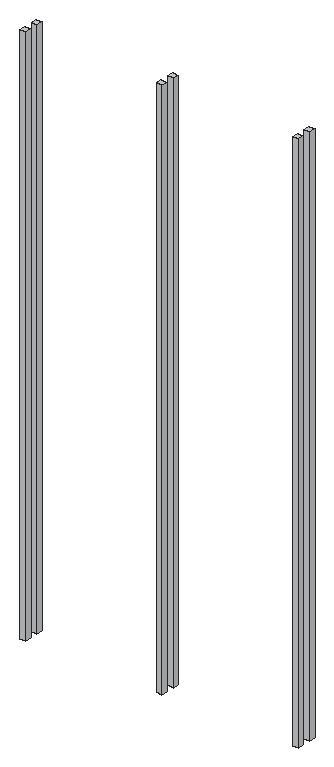
Revit family "58558bc89e9a44c6977c6548250aabf1", category Generic Models, Revit 2021
Family settings
  Can host rebar = No
  Round Connector Dimension = Use Diameter
  Part Type = Normal
  Work Plane-Based = No
  Always vertical = Yes
  Cut with Voids When Loaded = No
  Shared = Yes
  Room Calculation Point = No
Parameters
  Width [instance] = 4' - 0"
  Thickness = 0' - 0 1/2"
  Height [instance] = 4' - 0"
  Interior Material [instance] = none
  Exterior Material [instance] = none
  Distance = 0' - 0 3/4"
  Default Elevation = 0' - 0"
Reference planes (in)
  plane 1 "Center (Front/Back)": y = 0
  plane 2: z = 0
  plane 3 "Center (Left/Right)": x = 0
  plane 4: z = 48
  plane 5: x = -24
  plane 6: x = 24
  plane 7 "a": y = 0.375
  plane 8 "b": y = -0.375
  plane 9: x = -0.25
  plane 10: x = 0.25
  plane 11: x = -12
  plane 12: x = 12
  plane 13: x = -12.25
  plane 14: x = -11.75
  plane 15: x = 11.75
  plane 16: x = 12.25
  plane 17: y = 0.875
  plane 18: y = -0.875
Forms (in)
  Extrusion 1, solid, material <- "Exterior Material", detail levels fine
    sketch origin (0, 0.375, 0) x (-1, 0, 0) y (0, 0, 1)
      loop
        line (12.25, 48) -> (11.75, 48) -> (11.75, 0) -> (12.25, 0) -> (12.25, 48)
      loop
        line (0.25, 48) -> (-0.25, 48) -> (-0.25, 0) -> (0.25, 0) -> (0.25, 48)
      loop
        line (-11.75, 48) -> (-12.25, 48) -> (-12.25, 0) -> (-11.75, 0) -> (-11.75, 48)
    from 0 to 0.5
  Extrusion 2, solid, material <- "Interior Material", detail levels fine
    sketch origin (0, -0.375, 0) x (-1, 0, 0) y (0, 0, 1)
      loop
        line (12.25, 48) -> (11.75, 48) -> (11.75, 0) -> (12.25, 0) -> (12.25, 48)
      loop
        line (0.25, 48) -> (-0.25, 48) -> (-0.25, 0) -> (0.25, 0) -> (0.25, 48)
      loop
        line (-11.75, 48) -> (-12.25, 48) -> (-12.25, 0) -> (-11.75, 0) -> (-11.75, 48)
    from 0 to -0.5
Lines and regions (in)
  model lines, detail levels medium
    curve 1: line (0, 0.375, 48) -> (0, 0.375, 0)
    curve 2: line (-12, 0.375, 48) -> (-12, 0.375, 0)
    curve 3: line (12, 0.375, 48) -> (12, 0.375, 0)
    curve 4: line (0, -0.375, 48) -> (0, -0.375, 0)
    curve 5: line (-12, -0.375, 48) -> (-12, -0.375, 0)
    curve 6: line (12, -0.375, 48) -> (12, -0.375, 0)
Dimensions and locks (in)
  equal spacing: plane 6, plane 3 "Center (Left/Right)", plane 5
  "Width": plane 6 to plane 5
  "Height": plane 4 to plane 2
  equal spacing: plane 7 "a", plane 1 "Center (Front/Back)", plane 8 "b"
  "Distance": plane 7 "a" to plane 8 "b"
  equal spacing: plane 3 "Center (Left/Right)", plane 11, plane 5
  equal spacing: plane 6, plane 12, plane 3 "Center (Left/Right)"
  locked: plane 9 to plane 3 "Center (Left/Right)" at 0.25
  locked: plane 10 to plane 3 "Center (Left/Right)" at 0.25
  locked: plane 11 to plane 13 at 0.25
  locked: plane 14 to plane 11 at 0.25
  locked: plane 12 to plane 15 at 0.25
  locked: plane 16 to plane 12 at 0.25
  "Thickness": plane 17 to plane 7 "a"
  "Thickness": plane 8 "b" to plane 18
  aligned and locked: plane 2 to level
  aligned and locked: plane 4 to curve 1
  aligned and locked: plane 2 to curve 1
  aligned and locked: plane 13 to Extrusion 1 sketch curve
  aligned and locked: plane 4 to Extrusion 1 sketch curve  (x3)
  aligned and locked: plane 14 to Extrusion 1 sketch curve
  aligned and locked: plane 2 to Extrusion 1 sketch curve  (x3)
  aligned and locked: plane 9 to Extrusion 1 sketch curve
  aligned and locked: plane 10 to Extrusion 1 sketch curve
  aligned and locked: plane 15 to Extrusion 1 sketch curve
  aligned and locked: plane 16 to Extrusion 1 sketch curve
  aligned and locked: plane 11 to curve 2
  aligned and locked: plane 12 to curve 3
  aligned and locked: plane 2 to curve 2
  aligned and locked: plane 2 to curve 3
  aligned and locked: plane 4 to curve 3
  aligned and locked: plane 4 to curve 2
  aligned and locked: Extrusion 1 to plane 17
  aligned and locked: plane 18 to Extrusion 2
Automatic sketch dimensions
  curve 1 to plane 3 "Center (Left/Right)" = 0' - 0"
  Extrusion 2 sketch curve to plane 4 = 0' - 0"  (x3)
  Extrusion 2 sketch curve to plane 16 = 0' - 0"
  Extrusion 2 sketch curve to plane 15 = 0' - 0"
  Extrusion 2 sketch curve to level = 0' - 0"  (x3)
  plane 10 to Extrusion 2 sketch curve = 0' - 0"
  plane 9 to Extrusion 2 sketch curve = 0' - 0"
  Extrusion 2 sketch curve to plane 14 = 0' - 0"
  Extrusion 2 sketch curve to plane 13 = 0' - 0"
  curve 6 to level = 0' - 0"
  curve 6 to plane 12 = 0' - 0"
  curve 4 to level = 0' - 0"
  curve 4 to plane 3 "Center (Left/Right)" = 0' - 0"
  curve 5 to level = 0' - 0"
  curve 5 to plane 11 = 0' - 0"
  curve 6 to plane 4 = 0' - 0"
  curve 5 to plane 4 = 0' - 0"
  curve 4 to plane 4 = 0' - 0"
